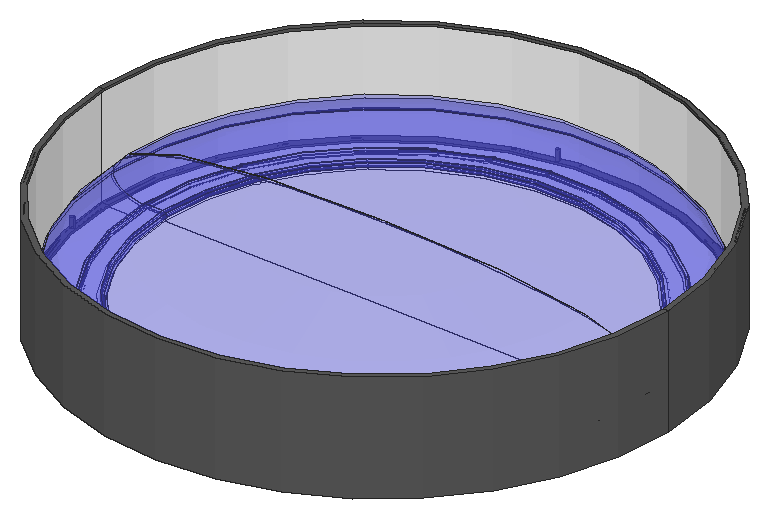
Revit family "BE_50790.1_de_DE", category Leuchten, Revit 2020
Family settings
  Basisbauteil = Fläche
  Bemaßung runder Anschluss = Durchmesser verwenden
  Teiletyp = Normal
  Beim Laden mit Abzugskörper schneiden = Ja
  Lichtquelle = Ja
  Gemeinsam genutzt = Nein
  Raumberechnungspunkt = Ja
Parameters (values of type "BEGA_50790.1_K3")
  built-in parameter 1150104 = 15.525 (stored number, unit not read)
  Wattage = 91.2 W
  Default Elevation = 0 mm
  built-in parameter 1150113 = 1 (stored number, unit not read)
  built-in parameter 1114218 = 1 (stored number, unit not read)
  Umgebungstemperatur = "25 °C"
  URL = "https://www.bega.com/de/produkt/50790.1"
  Typenkommentare = "© 2023 BEGA. Wir behalten uns das Recht vor, technische Änderungen ohne vorherige Ankündigung vorzunehmen."  # constant formula
  built-in parameter 1150134 = (empty or 0)
  built-in parameter 1150109 = 1 (stored number, unit not read)
  built-in parameter 1150110 = 1 (stored number, unit not read)
  Spannung = 239.996 V
  Sonderanfertigung = no
  Seriennummer [instance] = "Hier können Sie die eindeutige Seriennummer für das Facility Management eintragen."
  Schutzklasse = "I"
  Schutzart = "IP 20"
  Scheinlast = 0 VA
  Produktdatenblatt = "https://cdn.bega.com/bega/products/50790.1K3/current/documents/data-sheets/de"
  Neigungswinkel = 0.00°
  Modell = "50790.1K3"
  Material_35 = BEGA_Oberfläche_Samtschwarz_matt
  Material_34 = BEGA_Oberfläche_Samtweiss_matt
  Material_14 = BEGA_Kunststoff_opal
  M_W = no
  M_G = no
  M_A = no
  Logo = 0
  built-in parameter 1114217 = 1 (stored number, unit not read)
  built-in parameter 1150139 = (empty or 0)
  built-in parameter 1150105 = 1212.8 (stored number, unit not read)
  built-in parameter 1150114 = 1 (stored number, unit not read)
  Lumens = 15240.4 lm
  built-in parameter 1150115 = 1 (stored number, unit not read)
  Leuchtenlichtstrom = "10800 lm"
  Lebensdauerkriterien = "L70B50 @ 25 °C = 200000 h"
  Lastklassifizierung = Beleuchtung
  built-in parameter 1150112 = 1 (stored number, unit not read)
  Lampenlichtstrom = "15240 lm"
  Lampe = "LED 91.2 W"
  LED_Modulbezeichnung = "4 x LED-0704/930"
  Hersteller = "BEGA"  # constant formula
  Gewicht = "34.7 kg"
  Frequenz = "0/50-60 Hz"
  Farbwiedergabeindex = "CRI > 90"
  Farbtemperaturverschiebung bei Dämpfen der Lampe = <Keine Auswahl>
  Farbtemperatur = "3000 K"
  Color Filter = 16777215
  built-in parameter 1150133 = 10 (stored number, unit not read)
  Energieeffizienzklasse = "LED A++ - A"
  built-in parameter 1150137 = (empty or 0)
  built-in parameter 1150132 = (empty or 0)
  ENEC = "ja"
  Dimmbar [instance] = "DALI"
  Datei für fotometrisches Netz = "BE_50790-1K3.ies"
  CE_Konformität = "ja"
  Bestellnummer = "50790.1K3"
  Beschreibung_Sonderanfertigung = "Hier können Sie Informationen zur Sonderanfertigung eintragen."
  Beschreibung = "Großflächen-Deckenleuchte"
  built-in parameter 1150106 = 12.128 (stored number, unit not read)
  Befestigungsbohrung = "Ø 10 mm"
  BEGA_Intern_aus = yes
  BEGA_Intern_an = yes
  BEGA_Intern_Konstruktion = yes
  BEGA_Intern = yes
  BEGA_IES = yes
  BEGA_Dummy = no
  Anschlussleistung [instance] = "100 W"
  built-in parameter 1150107 = 3000 (stored number, unit not read)
  built-in parameter 1150102 = (empty or 0)
  built-in parameter 1150138 = (empty or 0)
  Aktualisierung = "2023-07-10T04:00:03"
  AC/DC = "AC/DC"
Reference planes
  plane 1 "Mitte (Vorne/Hinten)": y = 0
  plane 2: z = 0
  plane 3 "Mitte (Links/Rechts)": x = 0
  plane 4 "Links": x = -523
  plane 5 "Rechts": x = 523
  plane 6 "Unten": y = -522.996
  plane 7 "Oben": y = 523
  plane 8 "Vorne": z = 202
  plane 9 "Hinten": z = 0
Forms (mm)
  Extrusion 1, solid, material "BEGA_Platte_Weiss"
    sketch origin (0, -1119.2, 0) x (1, 0, 0) y (0, 1, 0)
      loop
        line (-200, 1319.2) -> (-200, 919.2) -> (200, 919.2) -> (200, 1319.2) -> (-200, 1319.2)
    from 0 to -10
  Extrusion 2, solid, material "BEGA_Dummy_matt", visible <- "BEGA_Dummy"
    sketch origin (77.149, -76.023, 0) x (1, 0, 0) y (0, 1, 0)
      loop
        circle (-77.149, 76.023) r 523
    from 0 to 202
Dimensions and locks
  plane 1 "Mitte (Vorne/Hinten)" to Extrusion 1 = 200 mm
  aligned and locked: plane 2 to Extrusion 1
  aligned and locked: level to Extrusion 1
Nested families
  nested 1: "BE_50790.1_Leuchte" at (0, 0, 0), type "BE_50790.1_Leuchte"
Connectors
  electrical at (0, 0, 0), driven by "Lastklassifizierung", driven by "Spannung", driven by "Scheinlast"
    settings: index 1, voltage 239.996 V, apparent load 0 VA, apparent load phase1 0 VA, apparent load phase2 0 VA, apparent load phase3 0 VA, power factor 1, load classification "Beleuchtung", number of poles 1, system type 31, power factor state 1, is connector primary yes, connector utility no, sub classification motor no, connector description ""
Definition of nested family "BE_50790.1_Leuchte"
  Parameters (values of type "BE_50790.1_Leuchte")
    Default Elevation = 1 mm
    URL = "http://www.bega.de/de/produkt"
    Type Comments = "© 2015 BEGA. Wir behalten uns das Recht vor, technische Änderungen ohne vorherige Ankündigung vorzunehmen. "  # constant formula
    Type Image = (empty or 0)
    Material_35 = none
    Material_34 = none
    Material_14 = none
    Länge_Platte = 1100 mm  # constant formula
    Höhe_Platte = -10 mm  # constant formula
    Manufacturer = "BEGA"  # constant formula
    Breite_Platte = 1100 mm  # constant formula
  Reference planes
    plane 1 "Mitte (Oben/Unten)": y = 0
    plane 2: z = 0
    plane 3 "Mitte (Links/Rechts)": x = 0
    plane 4: z = 202
    plane 5: x = -523
    plane 6: x = 523
    plane 7: y = 523
    plane 8: y = -522.996
  Forms (mm)
    Extrusion 1, solid, detail levels medium
      sketch origin (0, 0, 0) x (1, 0, 0) y (0, 1, 0)
        loop
          line (-550, 550) -> (-550, -550) -> (550, -550) -> (550, 550) -> (-550, 550)
      from 0 to -10 <- "Höhe_Platte"
    Revolve 2, solid, material <- "Material_34"
      sketch origin (0, 0, 0) x (1, 0, 0) y (0, 0, 1)
        loop
          line (0, 11) -> (0, 7) -> (518, 7) -> (518, 11) -> (0, 11)
        axis (0, 7) -> (0, 11)
      angle from 0 to 360
    Extrusion 3, void
      sketch origin (0, 0, 0) x (1, 0, 0) y (0, 1, 0)
        loop
          line (-23.746, -16.915) -> (-26.103, 13.027)
          arc (-26.103, 13.027) -> (-3.137, 39.877) -> (23.744, 16.947) r 25
          line (23.744, 16.947) -> (26.1, -12.992) -> (80.774, -8.689)
          arc (80.774, -8.689) -> (87.387, -5.449) -> (89.988, 1.44) r 10
          arc (89.988, 1.44) -> (-7.049, 89.724) -> (-89.109, -12.631) r 90
          arc (-89.109, -12.631) -> (-85.468, -19.045) -> (-78.421, -21.218) r 10
          line (-78.421, -21.218) -> (-23.746, -16.915)
        loop
          circle (-356.406, 170.24) r 3.25
        loop
          circle (325.635, 223.537) r 3.25
        loop
          circle (30.771, -393.776) r 3.25
      from 7 to 11
    Extrusion 4, solid, material <- "Material_34"
      sketch origin (0, 0, 0) x (1, 0, 0) y (0, 1, 0)
        loop
          circle (-369.926, 138.491) r 9.85
        loop
          circle (-369.926, 138.491) r 5
        loop
          circle (-65.026, 389.611) r 9.85
        loop
          circle (-65.026, 389.611) r 5
        loop
          circle (304.9, 251.12) r 9.85
        loop
          circle (304.9, 251.12) r 5
        loop
          circle (369.926, -138.491) r 9.85
        loop
          circle (369.926, -138.491) r 5
        loop
          circle (65.026, -389.611) r 9.85
        loop
          circle (65.026, -389.611) r 5
        loop
          circle (-304.9, -251.12) r 9.85
        loop
          circle (-304.9, -251.12) r 5
      from 0 to 7
    Revolve 5, solid, material <- "Material_34"
      sketch origin (0, 0, 0) x (1, 0, 0) y (0, 0, 1)
        loop
          line (519, 196.5) -> (519, 15) -> (519.798, 15) -> (519.798, 196.5) -> (519, 196.5)
        axis (0, 15) -> (0, 196.5)
      angle from 0 to 360
    Revolve 6, solid, material <- "Material_35"
      sketch origin (0, 0, 0) x (1, 0, 0) y (0, 0, 1)
        loop
          line (519, 10) -> (519, 3)
          arc (519, 3) -> (519.293, 2.293) -> (520, 2) r 1
          line (520, 2) -> (523, 2) -> (523, 202) -> (514, 202) -> (514, 198.5) -> (518, 198.5) -> (518, 199.327) -> (519.798, 199.327) -> (519.798, 15) -> (505.7, 15) -> (505.7, 11) -> (518, 11)
          arc (518, 11) -> (518.707, 10.707) -> (519, 10) r 1
        axis (0, 2) -> (0, 202)
      angle from 0 to 360
    Revolve 7, solid, material <- "Material_34"
      sketch origin (0, 0, 0) x (1, 0, 0) y (0, 0, 1)
        loop
          arc (439.602, 27.494) -> (437.941, 31.29) -> (434.103, 32.85) r 5.5
          line (434.103, 32.85) -> (411.175, 32.85)
          arc (411.175, 32.85) -> (408.42, 32.11) -> (406.406, 30.089) r 5.5
          line (406.406, 30.089) -> (404.825, 27.35)
          arc (404.825, 27.35) -> (403.36, 25.886) -> (401.36, 25.35) r 4
          line (401.36, 25.35) -> (0, 25.35) -> (0, 23.85) -> (401.36, 23.85)
          arc (401.36, 23.85) -> (404.11, 24.587) -> (406.124, 26.6) r 5.5
          line (406.124, 26.6) -> (407.711, 29.35)
          arc (407.711, 29.35) -> (409.175, 30.814) -> (411.175, 31.35) r 4
          line (411.175, 31.35) -> (434.103, 31.35)
          arc (434.103, 31.35) -> (436.895, 30.215) -> (438.102, 27.455) r 4
          line (438.102, 27.455) -> (438.471, 13.35) -> (439.972, 13.35) -> (439.602, 27.494)
        axis (0, 13.35) -> (0, 32.85)
      angle from 0 to 360
    Revolve 8, solid, material <- "Material_14"
      sketch origin (0, 0, 0) x (1, 0, 0) y (0, 0, 1)
        loop
          line (396.823, 30.35) -> (401.442, 30.35) -> (403.751, 34.35)
          arc (403.751, 34.35) -> (404.484, 35.082) -> (405.484, 35.35) r 2
          line (405.484, 35.35) -> (437.672, 35.35)
          arc (437.672, 35.35) -> (438.433, 35.199) -> (439.08, 34.77) r 2
          line (439.08, 34.77) -> (440.328, 33.522)
          arc (440.328, 33.522) -> (441.905, 32.551) -> (443.751, 32.394) r 4
          spline (443.751, 32.394) -> (451.696, 33.822) -> (459.282, 35.664) -> (466.426, 37.899) -> (473.047, 40.503) -> (479.074, 43.446) -> (484.439, 46.697) -> (489.083, 50.22) -> (492.955, 53.975) -> (496.011, 57.921) -> (498.219, 62.014) -> (499.554, 66.21) -> (500, 70.461)
          spline (500, 70.461) -> (496.365, 85.179) -> (485.474, 98.812) -> (467.369, 111.31) -> (442.118, 122.624) -> (409.819, 132.711) -> (370.595, 141.533) -> (324.596, 149.055) -> (271.998, 155.249) -> (213.002, 160.092) -> (147.834, 163.564) -> (76.742, 165.652) -> (0, 166.349)
          line (0, 166.349) -> (0, 162.349)
          spline (0, 162.349) -> (76.667, 161.653) -> (147.671, 159.567) -> (212.733, 156.1) -> (271.603, 151.268) -> (324.046, 145.093) -> (369.843, 137.604) -> (408.798, 128.844) -> (440.725, 118.875) -> (465.446, 107.801) -> (482.791, 95.843) -> (492.807, 83.355) -> (496.001, 70.461)
          spline (496.001, 70.461) -> (495.641, 67.034) -> (494.541, 63.586) -> (492.666, 60.112) -> (489.981, 56.65) -> (486.485, 53.261) -> (482.197, 50.01) -> (477.161, 46.962) -> (471.438, 44.168) -> (465.099, 41.672) -> (458.215, 39.519) -> (450.872, 37.737) -> (443.157, 36.35)
          line (443.157, 36.35) -> (441.933, 37.574)
          arc (441.933, 37.574) -> (439.98, 38.888) -> (437.672, 39.35) r 6
          line (437.672, 39.35) -> (405.484, 39.35)
          arc (405.484, 39.35) -> (402.484, 38.546) -> (400.287, 36.35) r 6
          line (400.287, 36.35) -> (396.823, 30.35)
        axis (0, 30.35) -> (0, 166.349)
      angle from 0 to 360
    Extrusion 9, solid, material <- "Material_35"
      sketch origin (0, 0, 0) x (1, 0, 0) y (0, 1, 0)
        loop
          circle (84.205, -504.521) r 3.25
        loop
          circle (-504.521, -84.205) r 3.25
        loop
          circle (-84.205, 504.521) r 3.25
        loop
          circle (504.521, 84.205) r 3.25
      from 15 to 32
  Cuts and joins
    Extrusion 3 cuts Revolve 2
    joined: Revolve 2, Extrusion 4
    joined: Revolve 6, Extrusion 9
  Dimensions and locks
    equal spacing: Extrusion 1 sketch curve, plane 3 "Mitte (Links/Rechts)", Extrusion 1 sketch curve
    equal spacing: Extrusion 1 sketch curve, plane 1 "Mitte (Oben/Unten)", Extrusion 1 sketch curve
    "Länge_Platte": Extrusion 1 sketch curve to Extrusion 1 sketch curve
    "Breite_Platte": Extrusion 1 sketch curve to Extrusion 1 sketch curve
    plane 1 "Mitte (Oben/Unten)" to Extrusion 1 = 550 mm  (x3)
    aligned and locked: Extrusion 1 to plane 2
    aligned and locked: Extrusion 1 to level
  Automatic sketch dimensions
    plane 3 "Mitte (Links/Rechts)" to Revolve 2 sketch curve = 518 mm
    plane 3 "Mitte (Links/Rechts)" to Revolve 2 sketch curve = 0 mm
    Revolve 2 sketch curve to Revolve 2 sketch curve = 4 mm
    level to Revolve 2 sketch curve = 7 mm
    Extrusion 3 sketch curve to plane 3 "Mitte (Links/Rechts)" = 23.746 mm
    plane 1 "Mitte (Oben/Unten)" to Extrusion 3 sketch curve = 16.915 mm
    Extrusion 3 sketch curve to plane 1 "Mitte (Oben/Unten)" = 13.027 mm
    Extrusion 3 sketch curve to plane 3 "Mitte (Links/Rechts)" = 26.103 mm
    plane 1 "Mitte (Oben/Unten)" to Extrusion 3 sketch curve = 21.218 mm
    Extrusion 3 sketch curve to Extrusion 3 sketch curve = 54.675 mm  (x2)
    Extrusion 3 sketch curve to plane 3 "Mitte (Links/Rechts)" = 1.177 mm
    Extrusion 3 sketch curve to plane 1 "Mitte (Oben/Unten)" = 14.954 mm
    Extrusion 3 sketch curve to plane 1 "Mitte (Oben/Unten)" = 16.947 mm
    plane 1 "Mitte (Oben/Unten)" to Extrusion 3 sketch curve = 12.992 mm
    plane 3 "Mitte (Links/Rechts)" to Extrusion 3 sketch curve = 26.1 mm
    plane 1 "Mitte (Oben/Unten)" to Extrusion 3 sketch curve = 8.689 mm
    plane 1 "Mitte (Oben/Unten)" to Extrusion 3 sketch curve = 0 mm
    Extrusion 3 sketch curve to plane 3 "Mitte (Links/Rechts)" = 0 mm
    Extrusion 3 sketch curve to Extrusion 3 sketch curve = 0.785 mm  (x2)
    Extrusion 3 sketch curve to plane 1 "Mitte (Oben/Unten)" = 1.28 mm
    Extrusion 3 sketch curve to Extrusion 3 sketch curve = 9.969 mm
    Extrusion 3 sketch curve to Extrusion 3 sketch curve = 0 mm  (x4)
    Extrusion 3 sketch curve to Extrusion 3 sketch curve = 9.904 mm
    Extrusion 3 sketch curve to plane 1 "Mitte (Oben/Unten)" = 1.44 mm
    Extrusion 3 sketch curve to Extrusion 3 sketch curve = 9.999 mm
    level to Revolve 5 sketch curve = 15 mm
    plane 3 "Mitte (Links/Rechts)" to Revolve 5 sketch curve = 519.798 mm
    Revolve 5 sketch curve to Revolve 5 sketch curve = 0.798 mm
    Revolve 5 sketch curve to Revolve 5 sketch curve = 181.5 mm
    Revolve 6 sketch curve to Revolve 6 sketch curve = 0 mm
    Revolve 6 sketch curve to Revolve 6 sketch curve = 1 mm  (x2)
    level to Revolve 6 sketch curve = 3 mm
    Revolve 6 sketch curve to Revolve 6 sketch curve = 0.827 mm
    Revolve 6 sketch curve to Revolve 6 sketch curve = 4 mm  (x2)
    Revolve 6 sketch curve to Revolve 6 sketch curve = 12.3 mm
    plane 3 "Mitte (Links/Rechts)" to Revolve 6 sketch curve = 505.7 mm
    Revolve 6 sketch curve to Revolve 6 sketch curve = 1.798 mm
    Revolve 6 sketch curve to Revolve 6 sketch curve = 3 mm
    Revolve 6 sketch curve to Revolve 6 sketch curve = 7 mm
    Revolve 6 sketch curve to Revolve 6 sketch curve = 183.5 mm
    Revolve 6 sketch curve to Revolve 6 sketch curve = 2.673 mm
    Revolve 6 sketch curve to plane 3 "Mitte (Links/Rechts)" = 0 mm
    Revolve 6 sketch curve to level = 609.6 mm
    Revolve 6 sketch curve to Revolve 6 sketch curve = 2407.058 mm
    level to Revolve 7 sketch curve = 13.35 mm
    Revolve 7 sketch curve to Revolve 7 sketch curve = 0.37 mm
    Revolve 7 sketch curve to Revolve 7 sketch curve = 1.501 mm
    level to Revolve 7 sketch curve = 27.455 mm
    Revolve 7 sketch curve to Revolve 7 sketch curve = 1.5 mm  (x2)
    Revolve 7 sketch curve to Revolve 7 sketch curve = 0 mm  (x13)
    Revolve 7 sketch curve to Revolve 7 sketch curve = 3.999 mm
    Revolve 7 sketch curve to Revolve 7 sketch curve = 0.105 mm
    Revolve 7 sketch curve to Revolve 7 sketch curve = 22.928 mm
    Revolve 7 sketch curve to Revolve 7 sketch curve = 4 mm  (x2)
    Revolve 7 sketch curve to Revolve 7 sketch curve = 3.464 mm  (x2)
    Revolve 7 sketch curve to Revolve 7 sketch curve = 1.305 mm
    Revolve 7 sketch curve to Revolve 7 sketch curve = 0.739 mm
    level to Revolve 7 sketch curve = 27.35 mm
    Revolve 7 sketch curve to Revolve 7 sketch curve = 1.581 mm
    Revolve 7 sketch curve to Revolve 7 sketch curve = 2 mm
    Revolve 7 sketch curve to Revolve 7 sketch curve = 401.36 mm
    Revolve 7 sketch curve to Revolve 7 sketch curve = 1.299 mm
    level to Revolve 7 sketch curve = 26.6 mm
    level to Revolve 7 sketch curve = 29.35 mm
    Revolve 7 sketch curve to plane 3 "Mitte (Links/Rechts)" = 0 mm
    Revolve 8 sketch curve to Revolve 8 sketch curve = 0 mm  (x9)
    Revolve 8 sketch curve to plane 3 "Mitte (Links/Rechts)" = 0 mm
    level to Revolve 8 sketch curve = 30.35 mm
    plane 3 "Mitte (Links/Rechts)" to Revolve 8 sketch curve = 396.823 mm
    Revolve 8 sketch curve to Revolve 8 sketch curve = 4.619 mm
    Revolve 8 sketch curve to Revolve 8 sketch curve = 4.042 mm
    Revolve 8 sketch curve to Revolve 8 sketch curve = 32.188 mm
    level to Revolve 8 sketch curve = 34.77 mm
    Revolve 8 sketch curve to Revolve 8 sketch curve = 1.408 mm
    level to Revolve 8 sketch curve = 37.574 mm
    Revolve 8 sketch curve to Revolve 8 sketch curve = 2.853 mm
    Revolve 8 sketch curve to Revolve 8 sketch curve = 1.224 mm
    level to Revolve 8 sketch curve = 36.35 mm  (x2)
    level to Revolve 8 sketch curve = 70.461 mm
    Revolve 8 sketch curve to Revolve 8 sketch curve = 52.844 mm
    Revolve 8 sketch curve to Revolve 8 sketch curve = 1.42 mm
    Revolve 8 sketch curve to Revolve 8 sketch curve = 2 mm
    Revolve 8 sketch curve to level = 198.183 mm
    Revolve 8 sketch curve to plane 3 "Mitte (Links/Rechts)" = 1400.809 mm
    Revolve 8 sketch curve to Revolve 8 sketch curve = 5.196 mm
    level to Revolve 8 sketch curve = 34.35 mm
    Revolve 8 sketch curve to Revolve 8 sketch curve = 1.732 mm
    Revolve 8 sketch curve to Revolve 8 sketch curve = 13.738 mm
    level to Revolve 8 sketch curve = 33.522 mm
    Revolve 8 sketch curve to Revolve 8 sketch curve = 1.249 mm
    Revolve 8 sketch curve to Revolve 8 sketch curve = 3.422 mm
    Revolve 8 sketch curve to Revolve 8 sketch curve = 3.682 mm
    Revolve 8 sketch curve to Revolve 8 sketch curve = 3.997 mm
    Revolve 8 sketch curve to Revolve 8 sketch curve = 0.002 mm
    Revolve 8 sketch curve to Revolve 8 sketch curve = 1.127 mm
    Revolve 8 sketch curve to Revolve 8 sketch curve = 0.266 mm
    Revolve 8 sketch curve to Revolve 8 sketch curve = 4 mm
